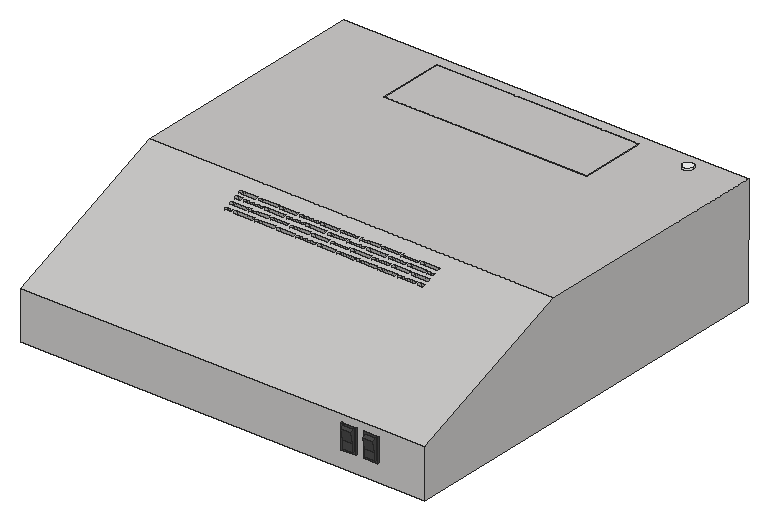
Revit family "QF_Summit_HC20SS_Under Cabinet Convertible Range Hood", category Specialty Equipment, Revit 2020 (continued)
Lines and regions (in)
  symbolic lines
    curve 155: spline (13.63454, -13.05744, 0) -> (13.61559, -13.05512, 0) -> (13.59794, -13.04831, 0) -> (13.58278, -13.03747, 0) -> (13.57114, -13.02335, 0) -> (13.56383, -13.00691, 0) -> (13.56134, -12.98926, 0) -> (13.56383, -12.97162, 0) -> (13.57114, -12.95517, 0) -> (13.58278, -12.94105, 0) -> (13.59794, -12.93022, 0) -> (13.61559, -12.9234, 0) -> (13.63454, -12.92108, 0)
    curve 156: line (13.63454, -12.92108, 0) -> (14.40287, -12.92108, 0)
    curve 157: spline (14.40287, -12.92108, 0) -> (14.42181, -12.9234, 0) -> (14.43947, -12.93022, 0) -> (14.45463, -12.94105, 0) -> (14.46626, -12.95517, 0) -> (14.47357, -12.97162, 0) -> (14.47607, -12.98926, 0) -> (14.47357, -13.00691, 0) -> (14.46626, -13.02335, 0) -> (14.45463, -13.03747, 0) -> (14.43947, -13.04831, 0) -> (14.42181, -13.05512, 0) -> (14.40287, -13.05744, 0)
    curve 158: line (14.80483, -12.77202, 0) -> (14.05213, -12.77202, 0)
    curve 159: spline (14.05213, -12.77202, 0) -> (14.03318, -12.7697, 0) -> (14.01553, -12.76289, 0) -> (14.00037, -12.75205, 0) -> (13.98873, -12.73793, 0) -> (13.98142, -12.72149, 0) -> (13.97893, -12.70384, 0) -> (13.98142, -12.6862, 0) -> (13.98873, -12.66975, 0) -> (14.00037, -12.65563, 0) -> (14.01553, -12.6448, 0) -> (14.03318, -12.63798, 0) -> (14.05213, -12.63566, 0)
    curve 160: line (14.05213, -12.63566, 0) -> (14.80483, -12.63566, 0)
    curve 161: spline (14.80483, -12.63566, 0) -> (14.82378, -12.63798, 0) -> (14.84143, -12.6448, 0) -> (14.85659, -12.65563, 0) -> (14.86823, -12.66975, 0) -> (14.87554, -12.6862, 0) -> (14.87803, -12.70384, 0) -> (14.87554, -12.72149, 0) -> (14.86823, -12.73793, 0) -> (14.85659, -12.75205, 0) -> (14.84143, -12.76289, 0) -> (14.82378, -12.7697, 0) -> (14.80483, -12.77202, 0)
    curve 162: line (14.05213, -13.21617, 0) -> (14.80483, -13.21617, 0)
    curve 163: spline (14.80483, -13.21617, 0) -> (14.82378, -13.2185, 0) -> (14.84143, -13.22531, 0) -> (14.85659, -13.23614, 0) -> (14.86823, -13.25027, 0) -> (14.87554, -13.26671, 0) -> (14.87803, -13.28436, 0) -> (14.87554, -13.302, 0) -> (14.86823, -13.31845, 0) -> (14.85659, -13.33257, 0) -> (14.84143, -13.3434, 0) -> (14.82378, -13.35021, 0) -> (14.80483, -13.35254, 0)
    curve 164: line (14.80483, -13.35254, 0) -> (14.05213, -13.35254, 0)
    curve 165: spline (14.05213, -13.35254, 0) -> (14.03318, -13.35021, 0) -> (14.01553, -13.3434, 0) -> (14.00037, -13.33257, 0) -> (13.98873, -13.31845, 0) -> (13.98142, -13.302, 0) -> (13.97893, -13.28436, 0) -> (13.98142, -13.26671, 0) -> (13.98873, -13.25027, 0) -> (14.00037, -13.23614, 0) -> (14.01553, -13.22531, 0) -> (14.03318, -13.2185, 0) -> (14.05213, -13.21617, 0)
    curve 166: line (14.60576, -13.52702, 0) -> (14.81159, -13.52702, 0)
    curve 167: spline (14.81159, -13.52702, 0) -> (14.83054, -13.52934, 0) -> (14.84819, -13.53615, 0) -> (14.86335, -13.54699, 0) -> (14.87498, -13.56111, 0) -> (14.8823, -13.57755, 0) -> (14.88479, -13.5952, 0) -> (14.8823, -13.61285, 0) -> (14.87498, -13.62929, 0) -> (14.86335, -13.64341, 0) -> (14.84819, -13.65425, 0) -> (14.83054, -13.66106, 0) -> (14.81159, -13.66338, 0)
    curve 168: line (14.81159, -13.66338, 0) -> (14.60576, -13.66338, 0)
    curve 169: spline (14.60576, -13.66338, 0) -> (14.58682, -13.66106, 0) -> (14.56916, -13.65425, 0) -> (14.554, -13.64341, 0) -> (14.54237, -13.62929, 0) -> (14.53506, -13.61285, 0) -> (14.53256, -13.5952, 0) -> (14.53506, -13.57755, 0) -> (14.54237, -13.56111, 0) -> (14.554, -13.54699, 0) -> (14.56916, -13.53615, 0) -> (14.58682, -13.52934, 0) -> (14.60576, -13.52702, 0)
    curve 170: line (14.81159, -13.05744, 0) -> (14.60576, -13.05744, 0)
    curve 171: spline (14.60576, -13.05744, 0) -> (14.58682, -13.05512, 0) -> (14.56916, -13.04831, 0) -> (14.554, -13.03747, 0) -> (14.54237, -13.02335, 0) -> (14.53506, -13.00691, 0) -> (14.53256, -12.98926, 0) -> (14.53506, -12.97162, 0) -> (14.54237, -12.95517, 0) -> (14.554, -12.94105, 0) -> (14.56916, -12.93022, 0) -> (14.58682, -12.9234, 0) -> (14.60576, -12.92108, 0)
    curve 172: line (14.60576, -12.92108, 0) -> (14.81159, -12.92108, 0)
    curve 173: spline (14.81159, -12.92108, 0) -> (14.83054, -12.9234, 0) -> (14.84819, -12.93022, 0) -> (14.86335, -12.94105, 0) -> (14.87498, -12.95517, 0) -> (14.8823, -12.97162, 0) -> (14.88479, -12.98926, 0) -> (14.8823, -13.00691, 0) -> (14.87498, -13.02335, 0) -> (14.86335, -13.03747, 0) -> (14.84819, -13.04831, 0) -> (14.83054, -13.05512, 0) -> (14.81159, -13.05744, 0)
    curve 174: line (5, -0.5, 0) -> (5, -3.75, 0)
    curve 175: line (5, -3.75, 0) -> (15, -3.75, 0)
    curve 176: line (15, -3.75, 0) -> (15, -0.5, 0)
    curve 177: line (15, -0.5, 0) -> (5, -0.5, 0)
Dimensions and locks (in)
  equal spacing: plane 3 "LEFT", plane 7 "Center Y", plane 4 "RIGHT"
  "Length": plane 3 "LEFT" to plane 4 "RIGHT"
  equal spacing: plane 5 "FRONT", plane 8 "Center X", plane 1 "BACK"
  "Depth": plane 5 "FRONT" to plane 1 "BACK"
  "Height": plane 6 "TOP" to level
  plane 9 to level = 2 3/8"
  plane 10 to plane 1 "BACK" = 12"
  plane 11 to plane 7 "Center Y" to plane 12 = 5 5/8" locked, 5 5/8" locked
  locked: plane 7 "Center Y" to plane 13 at 7.625
  plane 5 "FRONT" to plane 14 = 6"
  locked: plane 3 "LEFT" to plane 15 at 1.5
  locked: plane 16 to plane 4 "RIGHT" at 1.5
  plane 19 to plane 1 "BACK" = 1/2"
  plane 20 to plane 19 = 3 1/4"
  plane 22 to plane 7 "Center Y" to plane 23 = 5" locked, 5" locked
  plane 4 "RIGHT" to plane 3 "LEFT" = 20"
  aligned and locked: level to plane 2
  aligned and locked: Extrusion 2 to plane 4 "RIGHT"
  aligned and locked: plane 15 to Extrusion 1
  aligned and locked: plane 16 to Extrusion 3
  aligned and locked: Extrusion 3 to plane 4 "RIGHT"
  aligned and locked: Extrusion 2 to Extrusion 4
  aligned and locked: Extrusion 6 to Extrusion 5
  aligned and locked: Extrusion 11 to plane 6 "TOP"
Automatic sketch dimensions
  plane 1 "BACK" to curve 1 = 0"
  curve 1 to plane 3 "LEFT" = 0"
  curve 4 to plane 4 "RIGHT" = 0"
  plane 5 "FRONT" to curve 1 = 0"
  curve 2 to plane 10 = 0"
  curve 6 to plane 22 = 0.07362"
  curve 16 to plane 22 = 0.07362"
  curve 21 to plane 22 = 0.07362"
  curve 13 to plane 22 = 0.07362"
  curve 12 to curve 13 = 0.22927"
  curve 19 to curve 19 = 0.22927"
  curve 18 to curve 22 = 0.20664"
  curve 10 to curve 28 = 0.20664"
  curve 27 to curve 14 = 0.31679"
  curve 27 to curve 6 = 0.31679"
  curve 6 to curve 32 = 51/256"
  curve 14 to curve 38 = 51/256"
  curve 30 to curve 28 = 0.34607"
  curve 41 to curve 24 = 0.34607"
  curve 28 to curve 34 = 0.19575"
  curve 22 to curve 42 = 0.19575"
  curve 34 to curve 30 = 0.32027"
  curve 36 to curve 38 = 0.32027"
  curve 32 to curve 52 = 0.19575"
  curve 38 to curve 46 = 0.19575"
  curve 48 to curve 42 = 0.34607"
  curve 46 to curve 36 = 0.34607"
  curve 35 to curve 58 = 0.20509"
  curve 42 to curve 54 = 0.20509"
  curve 59 to curve 52 = 0.20155"
  curve 58 to curve 46 = 0.20155"
  curve 50 to curve 62 = 0.22071"
  curve 46 to curve 66 = 0.22071"
  curve 62 to curve 60 = 0.34607"
  curve 68 to curve 54 = 0.34607"
  curve 61 to curve 70 = 0.19575"
  curve 54 to curve 82 = 0.19575"
  curve 73 to curve 66 = 0.32027"
  curve 73 to curve 62 = 0.32027"
  curve 66 to curve 78 = 0.19575"
  curve 65 to curve 76 = 0.19575"
  curve 81 to curve 82 = 0.34607"
  curve 75 to curve 70 = 0.34607"
  curve 84 to curve 88 = 0.21604"
  curve 71 to curve 96 = 0.21604"
  curve 78 to plane 7 "Center Y" = 0.13267"
  curve 74 to plane 7 "Center Y" = 0.13267"
  plane 7 "Center Y" to curve 92 = 0.08338"
  plane 7 "Center Y" to curve 100 = 0.08338"
  curve 93 to curve 86 = 0.34607"
  curve 101 to curve 94 = 0.34607"
  curve 88 to curve 108 = 0.20509"
  curve 94 to curve 102 = 0.20509"
  curve 104 to curve 90 = 0.20155"
  curve 102 to curve 100 = 0.20155"
  curve 91 to curve 110 = 0.22071"
  curve 98 to curve 114 = 0.22071"
  curve 110 to curve 106 = 0.34607"
  curve 117 to curve 102 = 0.34607"
  curve 103 to curve 120 = 0.19575"
  curve 106 to curve 122 = 0.19575"
  curve 118 to curve 116 = 0.32027"
  curve 122 to curve 110 = 0.32027"
  curve 115 to curve 130 = 0.19575"
  curve 112 to curve 126 = 0.19575"
  curve 128 to curve 122 = 0.34607"
  curve 126 to curve 120 = 0.34607"
  curve 122 to curve 136 = 0.1994"
  curve 119 to curve 138 = 0.22595"
  curve 139 to curve 130 = 0.18068"
  curve 138 to curve 126 = 0.18068"
  curve 130 to curve 142 = 0.21604"
  curve 126 to curve 146 = 0.21604"
  curve 142 to curve 140 = 0.34607"
  curve 148 to curve 134 = 0.34607"
  curve 137 to curve 150 = 0.20509"
  curve 138 to curve 154 = 0.20509"
  curve 154 to curve 146 = 0.20155"
  curve 156 to curve 142 = 0.20155"
  curve 147 to curve 164 = 0.21604"
  curve 144 to curve 160 = 0.21604"
  curve 158 to curve 156 = 0.35074"
  curve 164 to curve 152 = 0.35074"
  curve 154 to curve 170 = 0.20289"
  curve 150 to curve 168 = 0.20289"
  curve 158 to plane 23 = 0.19517"
  curve 164 to plane 23 = 0.19517"
  curve 168 to plane 23 = 0.18841"
  curve 162 to curve 170 = 0.00676"
  plane 14 to curve 19 = 0.334"
  plane 14 to curve 88 = 0.33662"
  plane 14 to curve 168 = 0.33662"
  plane 14 to curve 84 = 0.33662"
  plane 14 to curve 124 = 0.33662"
  curve 88 to curve 108 = 0"
  plane 14 to curve 134 = 0.33662"
  plane 14 to curve 56 = 0.33662"
  plane 14 to curve 44 = 0.33662"
  curve 150 to curve 168 = 0"
  curve 18 to curve 24 = 0.00261"
  curve 19 to curve 21 = 0.13636"
  curve 108 to curve 106 = 0.13636"
  curve 24 to curve 22 = 0.13636"
  curve 150 to curve 152 = 0.13636"
  curve 55 to curve 54 = 0.13636"
  curve 134 to curve 136 = 0.13636"
  curve 123 to curve 122 = 0.13636"
  curve 44 to curve 42 = 0.13636"
  curve 84 to curve 82 = 0.13636"
  curve 87 to curve 86 = 0.13636"
  curve 167 to curve 166 = 0.13636"
  curve 54 to curve 48 = 0.17448"
  curve 25 to curve 16 = 0.17448"
  curve 83 to curve 80 = 0.24266"
  curve 109 to curve 92 = 0.17448"
  curve 16 to curve 40 = 0"
  curve 48 to curve 68 = 0"
  curve 167 to curve 164 = 0.17448"
  curve 91 to curve 110 = 0"
  curve 148 to curve 164 = 0"
  curve 128 to curve 148 = 0"
  curve 40 to curve 38 = 0.13636"
  curve 110 to curve 112 = 0.13636"
  curve 80 to curve 78 = 0.13636"
  curve 127 to curve 126 = 0.13636"
  curve 148 to curve 146 = 0.13636"
  curve 68 to curve 66 = 0.13636"
  curve 91 to curve 90 = 0.13636"
  curve 164 to curve 162 = 0.13636"
  curve 47 to curve 46 = 0.13636"
  curve 16 to curve 14 = 0.13636"
  curve 162 to curve 154 = 0.15873"
  curve 14 to curve 11 = 0.15873"
  curve 69 to curve 58 = 0.15873"
  curve 38 to curve 26 = 0.15873"
  curve 81 to curve 72 = 0.15873"
  curve 138 to curve 155 = 0"
  curve 90 to curve 96 = 0.15873"
  curve 120 to curve 138 = 0"
  curve 162 to curve 170 = 0.15873"
  curve 29 to curve 36 = 0"
  curve 96 to curve 104 = 0"
  curve 10 to curve 13 = 0.13636"
  curve 120 to curve 118 = 0.13636"
  curve 103 to curve 102 = 0.13636"
  curve 138 to curve 140 = 0.13636"
  curve 35 to curve 34 = 0.13636"
  curve 71 to curve 70 = 0.13636"
  curve 170 to curve 172 = 0.13636"
  curve 58 to curve 60 = 0.13636"
  curve 154 to curve 156 = 0.13636"
  curve 96 to curve 94 = 0.13636"
  curve 26 to curve 28 = 0.13636"
  curve 119 to curve 130 = 0.21724"
  curve 73 to curve 62 = 0.14906"
  curve 172 to curve 158 = 0.14906"
  curve 34 to curve 30 = 0.14906"
  curve 8 to curve 31 = 0"
  curve 102 to curve 100 = 0.14906"
  curve 74 to curve 100 = 0"
  curve 142 to curve 158 = 0"
  curve 116 to curve 130 = 0"
  curve 50 to curve 63 = 0"
  curve 62 to curve 64 = 0.13636"
  curve 158 to curve 160 = 0.13636"
  curve 130 to curve 132 = 0.13636"
  curve 115 to curve 114 = 0.13636"
  curve 74 to curve 76 = 0.13636"
  curve 30 to curve 32 = 0.13636"
  curve 50 to curve 52 = 0.13636"
  curve 7 to curve 6 = 0.13636"
  curve 142 to curve 144 = 0.13636"
  curve 100 to curve 98 = 0.13636"
  curve 17 to plane 22 = 0.00042"
  curve 9 to plane 22 = 0.00042"
  curve 12 to plane 22 = 0.00042"
  curve 20 to plane 22 = 0.00042"
  curve 10 to curve 10 = 0.0732"
  curve 18 to curve 18 = 0.0732"
  curve 27 to curve 27 = 0.0732"
  curve 25 to curve 25 = 0.0732"
  curve 15 to curve 15 = 0.0732"
  curve 7 to curve 7 = 0.0732"
  curve 31 to curve 31 = 0.0732"
  curve 41 to curve 41 = 0.0732"
  curve 23 to curve 23 = 0.0732"
  curve 29 to curve 29 = 0.0732"
  curve 37 to curve 37 = 0.0732"
  curve 45 to curve 45 = 0.0732"
  curve 33 to curve 33 = 0.0732"
  curve 39 to curve 39 = 0.0732"
  curve 49 to curve 49 = 0.0732"
  curve 51 to curve 51 = 0.0732"
  curve 43 to curve 43 = 0.0732"
  curve 35 to curve 35 = 0.0732"
  curve 57 to curve 57 = 0.0732"
  curve 59 to curve 59 = 0.0732"
  curve 47 to curve 47 = 0.0732"
  curve 53 to curve 53 = 0.0732"
  curve 63 to curve 63 = 0.0732"
  curve 69 to curve 69 = 0.0732"
  curve 55 to curve 55 = 0.0732"
  curve 61 to curve 61 = 0.0732"
  curve 73 to curve 73 = 0.0732"
  curve 85 to curve 85 = 0.0732"
  curve 67 to curve 67 = 0.0732"
  curve 65 to curve 65 = 0.0732"
  curve 81 to curve 81 = 0.0732"
  curve 75 to curve 75 = 0.0732"
  curve 71 to curve 71 = 0.0732"
  curve 83 to curve 83 = 0.0732"
  curve 97 to curve 97 = 0.0732"
  curve 89 to curve 89 = 0.0732"
  curve 79 to curve 79 = 0.0732"
  curve 77 to curve 77 = 0.0732"
  plane 7 "Center Y" to curve 93 = 0.01018"
  plane 7 "Center Y" to curve 101 = 0.01018"
  curve 87 to curve 87 = 0.0732"
  curve 95 to curve 95 = 0.0732"
  curve 109 to curve 109 = 0.0732"
  curve 105 to curve 105 = 0.0732"
  curve 91 to curve 91 = 0.0732"
  curve 99 to curve 99 = 0.0732"
  curve 111 to curve 111 = 0.0732"
  curve 117 to curve 117 = 0.0732"
  curve 107 to curve 107 = 0.0732"
  curve 103 to curve 103 = 0.0732"
  curve 121 to curve 121 = 0.0732"
  curve 125 to curve 125 = 0.0732"
  curve 113 to curve 113 = 0.0732"
  curve 115 to curve 115 = 0.0732"
  curve 129 to curve 129 = 0.0732"
  curve 131 to curve 131 = 0.0732"
  curve 123 to curve 123 = 0.0732"
  curve 119 to curve 119 = 0.0732"
  curve 135 to curve 135 = 0.0732"
  curve 139 to curve 139 = 0.0732"
  curve 133 to curve 133 = 0.0732"
  curve 127 to curve 127 = 0.0732"
  curve 143 to curve 143 = 0.0732"
  curve 149 to curve 149 = 0.0732"
  curve 137 to curve 137 = 0.0732"
  curve 141 to curve 141 = 0.0732"
  curve 151 to curve 151 = 0.0732"
  curve 155 to curve 155 = 0.0732"
  curve 147 to curve 147 = 0.0732"
  curve 145 to curve 145 = 0.0732"
  curve 165 to curve 165 = 0.0732"
  curve 159 to curve 159 = 0.0732"
  curve 157 to curve 157 = 0.0732"
  curve 153 to curve 153 = 0.0732"
  curve 169 to curve 169 = 0.0732"
  curve 171 to curve 171 = 0.0732"
  curve 161 to curve 161 = 0.0732"
  curve 163 to curve 163 = 0.0732"
  curve 173 to curve 173 = 0.0732"
  curve 167 to curve 167 = 0.0732"
  Extrusion 1 sketch curve to plane 5 "FRONT" = 0"
  Extrusion 1 sketch curve to plane 6 "TOP" = 0"
  Extrusion 1 sketch curve to plane 10 = 0"
  Extrusion 1 sketch curve to level = 0"
  Extrusion 1 sketch curve to plane 1 "BACK" = 0"
  Extrusion 1 sketch curve to plane 9 = 0"
  Extrusion 2 sketch curve to level = 0"  (x2)
  Extrusion 2 sketch curve to plane 5 "FRONT" = 0"
  Extrusion 2 sketch curve to plane 14 = 0"
  Extrusion 2 sketch curve to plane 6 "TOP" = 0"
  Extrusion 2 sketch curve to plane 10 = 0"
  Extrusion 2 sketch curve to plane 19 = 0"
  Extrusion 2 sketch curve to plane 1 "BACK" = 0"
  Extrusion 2 sketch curve to plane 9 = 0"
  Extrusion 2 sketch curve to plane 6 "TOP" = 0.07428"
  Extrusion 2 sketch curve to plane 8 "Center X" = 0.81598"
  Extrusion 2 sketch curve to plane 6 "TOP" = 1.31804"
  Extrusion 3 sketch curve to plane 5 "FRONT" = 0"
  Extrusion 3 sketch curve to plane 6 "TOP" = 0"
  Extrusion 3 sketch curve to plane 10 = 0"
  Extrusion 3 sketch curve to level = 0"
  Extrusion 3 sketch curve to plane 1 "BACK" = 0"
  Extrusion 3 sketch curve to plane 9 = 0"
  Extrusion 1 to Extrusion 4 sketch curve = 0.68244"  (x2)
  Extrusion 4 sketch curve to Extrusion 4 sketch curve = 0"  (x27)
  Extrusion 4 sketch curve to Extrusion 4 sketch curve = 0.0732"  (x42)
  Extrusion 4 sketch curve to Extrusion 4 sketch curve = 0.16003"  (x6)
  Extrusion 4 sketch curve to Extrusion 4 sketch curve = 0.17041"  (x5)
  Extrusion 4 sketch curve to Extrusion 4 sketch curve = 0.18732"  (x4)
  Extrusion 4 sketch curve to Extrusion 4 sketch curve = 0.00281"
  Extrusion 1 to Extrusion 4 sketch curve = 13.31409"
  Extrusion 4 sketch curve to Extrusion 4 sketch curve = 0.00676"  (x2)
  Extrusion 4 sketch curve to Extrusion 4 sketch curve = 0.20583"  (x2)
  Extrusion 4 sketch curve to Extrusion 4 sketch curve = 0.20289"  (x2)
  Extrusion 4 sketch curve to Extrusion 4 sketch curve = 0.35074"  (x2)
  Extrusion 4 sketch curve to Extrusion 4 sketch curve = 0.21604"  (x8)
  Extrusion 4 sketch curve to Extrusion 4 sketch curve = 0.20155"  (x6)
  Extrusion 4 sketch curve to Extrusion 4 sketch curve = 0.20509"  (x6)
  Extrusion 4 sketch curve to Extrusion 4 sketch curve = 0.34607"  (x16)
  Extrusion 4 sketch curve to Extrusion 4 sketch curve = 0.18068"
  Extrusion 4 sketch curve to Extrusion 4 sketch curve = 0.20724"
  Extrusion 4 sketch curve to Extrusion 4 sketch curve = 0.22595"
  Extrusion 4 sketch curve to Extrusion 4 sketch curve = 0.1994"
  Extrusion 4 sketch curve to Extrusion 4 sketch curve = 0.19575"  (x12)
  Extrusion 4 sketch curve to Extrusion 4 sketch curve = 0.32027"  (x6)
  Extrusion 4 sketch curve to Extrusion 4 sketch curve = 0.22071"  (x4)
  Extrusion 4 sketch curve to Extrusion 4 sketch curve = 0.19059"  (x2)
  Extrusion 4 sketch curve to Extrusion 4 sketch curve = 51/256"  (x2)
  Extrusion 4 sketch curve to Extrusion 4 sketch curve = 0.31679"  (x2)
  Extrusion 4 sketch curve to Extrusion 4 sketch curve = 0.20664"  (x2)
  Extrusion 4 sketch curve to Extrusion 4 sketch curve = 0.22927"  (x2)
  plane 20 to Extrusion 5 sketch curve = 0"
  Extrusion 5 sketch curve to plane 7 "Center Y" = 0"
  Extrusion 5 sketch curve to plane 22 = 1 1/2"
  plane 20 to Extrusion 6 sketch curve = 0"
  Extrusion 6 sketch curve to plane 22 = 0"
  Extrusion 6 sketch curve to plane 23 = 0"
  plane 19 to Extrusion 6 sketch curve = 0"
  Extrusion 6 sketch curve to plane 22 = 1/4"
  Extrusion 6 sketch curve to plane 23 = 1/4"
  Extrusion 6 sketch curve to plane 20 = 1/4"
  plane 19 to Extrusion 6 sketch curve = 1/4"
  Extrusion 7 sketch curve to plane 11 = 0"
  Extrusion 7 sketch curve to plane 12 = 0"
  Extrusion 7 sketch curve to plane 14 = 0"
  plane 19 to Extrusion 7 sketch curve = 0"
  Extrusion 7 sketch curve to plane 11 = 1/4"
  Extrusion 7 sketch curve to plane 12 = 1/4"
  plane 14 to Extrusion 7 sketch curve = 1/4"
  plane 19 to Extrusion 7 sketch curve = 1/4"
  Extrusion 8 sketch curve to Extrusion 2 = 0"  (x4)
  Extrusion 2 to Extrusion 8 sketch curve = 0.15581"
  Extrusion 8 sketch curve to Extrusion 2 = 0.08943"
  Extrusion 9 sketch curve to Extrusion 6 = 0"  (x4)
  Extrusion 1 to Extrusion 10 sketch curve = 3 3/4"
  Extrusion 1 to Extrusion 10 sketch curve = 1/2"
  Extrusion 10 sketch curve to Extrusion 1 = 13 1/2"
  Extrusion 10 sketch curve to Extrusion 1 = 3 1/2"
  Extrusion 11 sketch curve to plane 13 = 0"
  plane 19 to Extrusion 11 sketch curve = 67/256"
  Extrusion 12 sketch curve to Extrusion 1 = 55/64"  (x2)
  Extrusion 1 to Extrusion 12 sketch curve = 21/64"  (x2)
  Extrusion 12 sketch curve to Extrusion 1 = 16.21161"
  Extrusion 12 sketch curve to Extrusion 12 sketch curve = 0.70845"  (x2)
  Extrusion 12 sketch curve to Extrusion 12 sketch curve = 0.3853"
  plane 5 "FRONT" to Extrusion 13 sketch curve = 0.22258"
  plane 5 "FRONT" to Extrusion 13 sketch curve = 0.09635"
  plane 5 "FRONT" to Extrusion 13 sketch curve = 0.04539"
  level to Extrusion 13 sketch curve = 0.96231"
  Extrusion 13 sketch curve to Extrusion 13 sketch curve = 0.38074"
  Extrusion 13 sketch curve to plane 9 = 0.48516"
  Extrusion 13 sketch curve to Extrusion 13 sketch curve = 0.08263"
  plane 5 "FRONT" to Extrusion 14 sketch curve = 0.22258"
  plane 5 "FRONT" to Extrusion 14 sketch curve = 0.09635"
  plane 5 "FRONT" to Extrusion 14 sketch curve = 0.04539"
  level to Extrusion 14 sketch curve = 0.96231"
  Extrusion 14 sketch curve to Extrusion 14 sketch curve = 0.38074"
  Extrusion 14 sketch curve to plane 9 = 0.48516"
  Extrusion 14 sketch curve to Extrusion 14 sketch curve = 0.08263"
  plane 19 to curve 177 = 0"
  curve 177 to plane 22 = 0"
  curve 177 to plane 23 = 0"
  plane 20 to curve 175 = 0"
  radius of Extrusion 11 sketch curve = 1/4"
Connectors (in)
  electrical at (17.625, -0.76172, 5.57173), driven by "Volts", driven by "Apparent Power"
    settings: on Extrusion 11, index 2, voltage 115 V, apparent load 195.5 VA, apparent load phase1 0 VA, apparent load phase2 0 VA, apparent load phase3 0 VA, power factor 1, load classification "Other", number of poles 1, system type 30, power factor state 1, is connector primary yes, connector utility no, sub classification motor no, connector description "Electrical Inlet"
  hvac at (10, -2.125, 5.5), driven by "Exhaust Volume"
    settings: on cut or joined group of Extrusion 1, Extrusion 2, Extrusion 3, Extrusion 4, Extrusion 5, Extrusion 6, Extrusion 7, Extrusion 8, Extrusion 9, index 3, duct flow 270 CFM, flow factor 0, pres drop 0.00 in-wg, loss coef 0, conn angle 0.00°, conn width 10", conn height 3 1/4", conn diameter 24", duct sys type 1, conn prof type 1, flow config 1, flow direction 1, loss method 0, conn ref index -1, conn util no, is conn primary yes, conn desc "Make Up Air"
